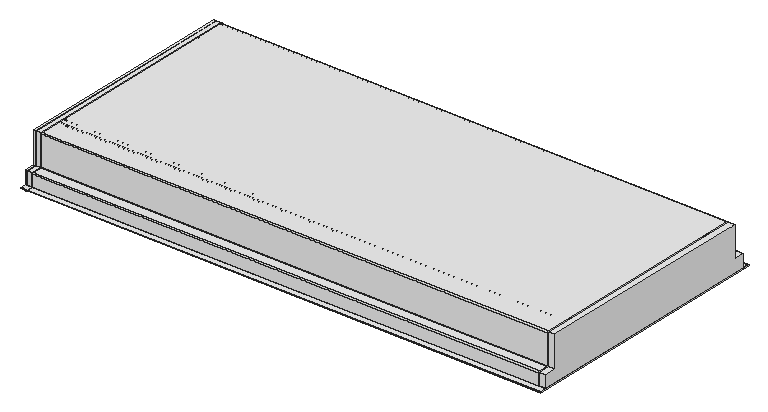
Revit family "MSUi", category Lighting Fixtures, host Ceiling, Revit 2023
Family settings
  Host = Ceiling
  Round Connector Dimension = Use Diameter
  Part Type = Normal
  OmniClass Number = 23.80.70.11.14.17
  OmniClass Title = Direct/Indirect
  Always vertical = Yes
  Cut with Voids When Loaded = No
  Light Source = Yes
  Maintain Annotation Orientation = No
  Shared = No
  Room Calculation Point = No
Parameters (values of type "MSUi-2X4-LED840KxxL_50GUNV")
  Width = 1' - 11 3/4"
  Wattage = 70 W
  built-in parameter 1150110 = 1 (stored number, unit not read)
  Voltage = 120 V
  URL = "https://www.viscor.com/en/products/msui"
  built-in parameter 1114217 = 0.9 (stored number, unit not read)
  Tilt Angle = 90.00°
  built-in parameter 1150109 = 1 (stored number, unit not read)
  built-in parameter 1150134 = 12
  built-in parameter 1150113 = 1 (stored number, unit not read)
  Photometric Web File = "MSUi-2X4-LED840KxxL_50GUNV.ies"
  Model = "MSUi"  # constant formula
  Manufacturer = "CERTOLUX by VISCOR"  # constant formula
  Lumens = 4970 lm
  built-in parameter 1150115 = 1 (stored number, unit not read)
  built-in parameter 1150105 = 395.5 (stored number, unit not read)
  built-in parameter 1150137 = (empty or 0)
  built-in parameter 1150139 = (empty or 0)
  Lens Finish Green = Acrylic - Viscor - Frosted Prismatic P12 Green
  Lens Finish = Acrylic - Viscor - Frosted Prismatic P12
  Length = 3' - 11 3/4"
  Lamp Wattage = 70 VA
  built-in parameter 1150112 = 1 (stored number, unit not read)
  built-in parameter 1150114 = 1 (stored number, unit not read)
  Lamp = "LED"  # constant formula
  built-in parameter 1150132 = (empty or 0)
  built-in parameter 1150102 = (empty or 0)
  built-in parameter 1150138 = (empty or 0)
  built-in parameter 1150107 = 4000 (stored number, unit not read)
  built-in parameter 1150106 = 3.955 (stored number, unit not read)
  Housing Finish = Metal - Viscor - White
  Emit from Rectangle Width = Width  # 1' - 11 3/4"
  Emit from Rectangle Length = Length  # 3' - 11 3/4"
  Emit Shape Visible in Rendering = no
  built-in parameter 1150104 = 6.5961 (stored number, unit not read)
  Dimming Lamp Color Temperature Shift = <None>
  Description = "LED Recessed Medical Surgical with Inset Door Frame"  # constant formula
  Default Elevation = 0' - 0"
  Color Filter = 8454016
  built-in parameter 1114218 = 1 (stored number, unit not read)
  built-in parameter 1150133 = 10 (stored number, unit not read)
  Assembly Code = "D5020200"
  Apparent Load = Lamp Wattage  # 70 VA
Types (22): name | Width | Wattage | Photometric Web File | Lumens | built-in parameter 1150105 | Lens Finish Green | Length | Lamp Wattage | built-in parameter 1150106 | Emit from Rectangle Width | Emit from Rectangle Length | built-in parameter 1150104 | Color Filter | Apparent Load
  (no name) | 1' - 11 3/4" | 70 W | "MSUi-2X4-LED840KxxL_50GUNV.ies" | 4970 lm | 395.5 (stored number, unit not read) | Acrylic - Viscor - Frosted Prismatic P12 Green | 3' - 11 3/4" | 70 VA | 3.955 (stored number, unit not read) | 1' - 11 3/4" | 3' - 11 3/4" | 6.5961 (stored number, unit not read) | 8454016 | 70 VA
  MSUi-1X4-LED840K035LUNV | 0' - 11 3/4" | 32 W | "MSUi-1X4-LED840K035LUNV.ies" | 3584 lm | 285.21 (stored number, unit not read) | Default | 3' - 11 3/4" | 32 VA | 2.8521 (stored number, unit not read) | 0' - 11 3/4" | 3' - 11 3/4" | 10.405 (stored number, unit not read) | 16777215 | 32 VA
  MSUi-2X2-LED840K035LUNV | 1' - 11 3/4" | 31 W | "MSUi-2X2-LED840K035LUNV.ies" | 3565 lm | 283.69 (stored number, unit not read) | Default | 1' - 11 3/4" | 31 VA | 2.8369 (stored number, unit not read) | 1' - 11 3/4" | 1' - 11 3/4" | 10.684 (stored number, unit not read) | 16777215 | 31 VA
  MSUi-2X4-LED840K055LUNV | 1' - 11 3/4" | 45 W | "MSUi-2X4-LED840K055LUNV.ies" | 5535 lm | 440.46 (stored number, unit not read) | Default | 3' - 11 3/4" | 45 VA | 4.4046 (stored number, unit not read) | 1' - 11 3/4" | 3' - 11 3/4" | 11.427 (stored number, unit not read) | 16777215 | 45 VA
  MSUi-1X4-LED840K055LUNV | 0' - 11 3/4" | 51 W | "MSUi-1X4-LED840K055LUNV.ies" | 5559 lm | 442.37 (stored number, unit not read) | Default | 3' - 11 3/4" | 51 VA | 4.4237 (stored number, unit not read) | 0' - 11 3/4" | 3' - 11 3/4" | 10.126 (stored number, unit not read) | 16777215 | 51 VA
  MSUi-1X4-LED840K070LUNV | 0' - 11 3/4" | 68 W | "MSUi-1X4-LED840K070LUNV.ies" | 7072 lm | 562.77 (stored number, unit not read) | Default | 3' - 11 3/4" | 68 VA | 5.6277 (stored number, unit not read) | 0' - 11 3/4" | 3' - 11 3/4" | 9.6619 (stored number, unit not read) | 16777215 | 68 VA
  MSUi-1X4-LED840K100LUNV | 0' - 11 3/4" | 96 W | "MSUi-1X4-LED840K100LUNV.ies" | 10080 lm | 802.14 (stored number, unit not read) | Default | 3' - 11 3/4" | 96 VA | 8.0214 (stored number, unit not read) | 0' - 11 3/4" | 3' - 11 3/4" | 9.7548 (stored number, unit not read) | 16777215 | 96 VA
  MSUi-2X2-LED840K055LUNV | 1' - 11 3/4" | 50 W | "MSUi-2X2-LED840K055LUNV.ies" | 5550 lm | 441.65 (stored number, unit not read) | Default | 1' - 11 3/4" | 50 VA | 4.4165 (stored number, unit not read) | 1' - 11 3/4" | 1' - 11 3/4" | 10.312 (stored number, unit not read) | 16777215 | 50 VA
  MSUi-2X2-LED840K070LUNV | 1' - 11 3/4" | 65 W | "MSUi-2X2-LED840K070LUNV.ies" | 7020 lm | 558.63 (stored number, unit not read) | Default | 1' - 11 3/4" | 65 VA | 5.5863 (stored number, unit not read) | 1' - 11 3/4" | 1' - 11 3/4" | 10.034 (stored number, unit not read) | 16777215 | 65 VA
  MSUi-2X2-LED840K100LUNV | 1' - 11 3/4" | 93 W | "MSUi-2X2-LED840K100LUNV.ies" | 10137 lm | 806.68 (stored number, unit not read) | Default | 1' - 11 3/4" | 93 VA | 8.0668 (stored number, unit not read) | 1' - 11 3/4" | 1' - 11 3/4" | 10.126 (stored number, unit not read) | 16777215 | 93 VA
  MSUi-2X4-LED840K070LUNV | 1' - 11 3/4" | 59 W | "MSUi-2X4-LED840K070LUNV.ies" | 7080 lm | 563.41 (stored number, unit not read) | none | 3' - 11 3/4" | 59 VA | 5.6341 (stored number, unit not read) | 1' - 11 3/4" | 3' - 11 3/4" | 11.148 (stored number, unit not read) | 16777215 | 59 VA
  MSUi-2X4-LED840K100LUNV | 1' - 11 3/4" | 80 W | "MSUi-2X4-LED840K100LUNV.ies" | 10080 lm | 802.14 (stored number, unit not read) | none | 3' - 11 3/4" | 80 VA | 8.0214 (stored number, unit not read) | 1' - 11 3/4" | 3' - 11 3/4" | 11.706 (stored number, unit not read) | 16777215 | 80 VA
  MSUi-2X4-LED840K120LUNV | 1' - 11 3/4" | 99 W | "MSUi-2X4-LED840K120LUNV.ies" | 12078 lm | 961.14 (stored number, unit not read) | none | 3' - 11 3/4" | 99 VA | 9.6114 (stored number, unit not read) | 1' - 11 3/4" | 3' - 11 3/4" | 11.334 (stored number, unit not read) | 16777215 | 99 VA
  MSUi-2X4-LED840K180LUNV | 1' - 11 3/4" | 143 W | "MSUi-2X4-LED840K180LUNV.ies" | 18161 lm | 1445.2 (stored number, unit not read) | none | 3' - 11 3/4" | 143 VA | 14.452 (stored number, unit not read) | 1' - 11 3/4" | 3' - 11 3/4" | 11.799 (stored number, unit not read) | 16777215 | 143 VA
  MSUi-2X4-LED840K240LUNV | 1' - 11 3/4" | 198 W | "MSUi-2X4-LED840K240LUNV.ies" | 24156 lm | 1922.3 (stored number, unit not read) | none | 3' - 11 3/4" | 198 VA | 19.223 (stored number, unit not read) | 1' - 11 3/4" | 3' - 11 3/4" | 11.334 (stored number, unit not read) | 16777215 | 198 VA
  MSUi-1X4-LED840KxxL_32GUNV | 0' - 11 3/4" | 51 W | "MSUi-1X4-LED840KxxL_32GUNV.ies" | 3162 lm | 251.62 (stored number, unit not read) | Acrylic - Viscor - Frosted Prismatic P12 Green | 3' - 11 3/4" | 51 VA | 2.5162 (stored number, unit not read) | 0' - 11 3/4" | 3' - 11 3/4" | 5.76 (stored number, unit not read) | 8454016 | 51 VA
  MSUi-1X4-LED840KxxL_50GUNV | 0' - 11 3/4" | 80 W | "MSUi-1X4-LED840KxxL_50GUNV.ies" | 4960 lm | 394.7 (stored number, unit not read) | Acrylic - Viscor - Frosted Prismatic P12 Green | 3' - 11 3/4" | 80 VA | 3.947 (stored number, unit not read) | 0' - 11 3/4" | 3' - 11 3/4" | 5.76 (stored number, unit not read) | 8454016 | 80 VA
  MSUi-2X2-LED840KxxL_32GUNV | 1' - 11 3/4" | 51 W | "MSUi-2X2-LED840KxxL_32GUNV.ies" | 3213 lm | 255.68 (stored number, unit not read) | Acrylic - Viscor - Frosted Prismatic P12 Green | 1' - 11 3/4" | 51 VA | 2.5568 (stored number, unit not read) | 1' - 11 3/4" | 1' - 11 3/4" | 5.8529 (stored number, unit not read) | 8454016 | 51 VA
  MSUi-2X2-LED840KxxL_50GUNV | 1' - 11 3/4" | 80 W | "MSUi-2X2-LED840KxxL_50GUNV.ies" | 4960 lm | 394.7 (stored number, unit not read) | Acrylic - Viscor - Frosted Prismatic P12 Green | 1' - 11 3/4" | 50 VA | 3.947 (stored number, unit not read) | 1' - 11 3/4" | 1' - 11 3/4" | 5.76 (stored number, unit not read) | 8454016 | 50 VA
  MSUi-2X4-LED840KxxL_32GUNV | 1' - 11 3/4" | 45 W | "MSUi-2X4-LED840KxxL_32GUNV.ies" | 3195 lm | 254.25 (stored number, unit not read) | Acrylic - Viscor - Frosted Prismatic P12 Green | 3' - 11 3/4" | 45 VA | 2.5425 (stored number, unit not read) | 1' - 11 3/4" | 3' - 11 3/4" | 6.5961 (stored number, unit not read) | 8454016 | 45 VA
  MSUi-2X4-LED840KxxL_50GUNV | 1' - 11 3/4" | 70 W | "MSUi-2X4-LED840KxxL_50GUNV.ies" | 4970 lm | 395.5 (stored number, unit not read) | Acrylic - Viscor - Frosted Prismatic P12 Green | 3' - 11 3/4" | 70 VA | 3.955 (stored number, unit not read) | 1' - 11 3/4" | 3' - 11 3/4" | 6.5961 (stored number, unit not read) | 8454016 | 70 VA
  MSUi-2X4-LED840KxxL_100GUNV | 1' - 11 3/4" | 139 W | "MSUi-2X4-LED840KxxL_100GUNV.ies" | 10008 lm | 796.41 (stored number, unit not read) | Acrylic - Viscor - Frosted Prismatic P12 Green | 3' - 11 3/4" | 139 VA | 7.9641 (stored number, unit not read) | 1' - 11 3/4" | 3' - 11 3/4" | 6.689 (stored number, unit not read) | 8454016 | 139 VA
Reference planes (in)
  plane 1 "Light Source Axis (F/B)": y = 0
  plane 2 "Ceiling": z = 96
  plane 3 "Light Source Axis (L/R)": x = 0
  plane 4 "Light Source Elevation": z = 95
  plane 5: y = 11.875
  plane 6: y = -11.875
  plane 7 "Left": x = -23.875
  plane 8 "Right": x = 23.875
  plane 9: x = -23.25
  plane 10: x = 23.25
  plane 11: x = -22.625
  plane 12: x = 22.625
  plane 13 "USofFrame": z = 96.045
  plane 14: y = -11.25
  plane 15: y = 11.25
  plane 16 "Lens": z = 96.17
Forms (in)
  Extrusion 1, solid, material "Metal - Viscor - White" <- "Housing Finish"
    sketch origin (0, 0, 0) x (0, 1, 0) y (0, 0, 1)
      loop
        arc (11.3015, 97.168) -> (11.28217, 97.21467) -> (11.2355, 97.234) r 0.066
        line (11.2355, 97.234) -> (10.3115, 97.234)
        arc (10.3115, 97.234) -> (10.29029, 97.24279) -> (10.2815, 97.264) r 0.03
        line (10.2815, 97.264) -> (10.2815, 100.007)
        arc (10.2815, 100.007) -> (10.26217, 100.05367) -> (10.2155, 100.073) r 0.066
        line (10.2155, 100.073) -> (-10.2155, 100.073)
        arc (-10.2155, 100.073) -> (-10.26217, 100.05367) -> (-10.2815, 100.007) r 0.066
        line (-10.2815, 100.007) -> (-10.2815, 97.264)
        arc (-10.2815, 97.264) -> (-10.29029, 97.24279) -> (-10.3115, 97.234) r 0.03
        line (-10.3115, 97.234) -> (-11.2355, 97.234)
        arc (-11.2355, 97.234) -> (-11.28217, 97.21467) -> (-11.3015, 97.168) r 0.066
        line (-11.3015, 97.168) -> (-11.3015, 96.073) -> (-11.26634, 96.073) -> (-11.26634, 97.168)
        arc (-11.26634, 97.168) -> (-11.25731, 97.18981) -> (-11.2355, 97.19884) r 0.03084
        line (-11.2355, 97.19884) -> (-10.3115, 97.19884)
        arc (-10.3115, 97.19884) -> (-10.26543, 97.21793) -> (-10.24634, 97.264) r 0.06516
        line (-10.24634, 97.264) -> (-10.24634, 100.007)
        arc (-10.24634, 100.007) -> (-10.23731, 100.02881) -> (-10.2155, 100.03784) r 0.03084
        line (-10.2155, 100.03784) -> (10.2155, 100.03784)
        arc (10.2155, 100.03784) -> (10.23731, 100.02881) -> (10.24634, 100.007) r 0.03084
        line (10.24634, 100.007) -> (10.24634, 97.264)
        arc (10.24634, 97.264) -> (10.26543, 97.21793) -> (10.3115, 97.19884) r 0.06516
        line (10.3115, 97.19884) -> (11.2355, 97.19884)
        arc (11.2355, 97.19884) -> (11.25731, 97.18981) -> (11.26634, 97.168) r 0.03084
        line (11.26634, 97.168) -> (11.26634, 96.073) -> (11.3015, 96.073) -> (11.3015, 97.168)
    from -23.25 to 23.25
  Extrusion 2, solid
    sketch origin (0, 0, 0) x (0, 1, 0) y (0, 0, 1)
      loop
        arc (7.664, 100.03702) -> (7.61097, 100.01506) -> (7.58901, 99.96204) r 0.07499
        line (7.58901, 99.96204) -> (7.589, 99.487)
        arc (7.589, 99.487) -> (7.57758, 99.45942) -> (7.55, 99.448) r 0.039
        line (7.55, 99.448) -> (-7.55, 99.448)
        arc (-7.55, 99.448) -> (-7.57758, 99.45942) -> (-7.589, 99.487) r 0.039
        line (-7.589, 99.487) -> (-7.589, 99.96195)
        arc (-7.589, 99.96195) -> (-7.61097, 100.01498) -> (-7.664, 100.037) r 0.075
        line (-7.664, 100.037) -> (-8.214, 100.037) -> (-8.214, 100.00184) -> (-7.664, 100.00179)
        arc (-7.664, 100.00179) -> (-7.63583, 99.99012) -> (-7.62416, 99.96195) r 0.03984
        line (-7.62416, 99.96195) -> (-7.62416, 99.487)
        arc (-7.62416, 99.487) -> (-7.60244, 99.43456) -> (-7.55, 99.41284) r 0.07416
        line (-7.55, 99.41284) -> (7.55, 99.41284)
        arc (7.55, 99.41284) -> (7.60244, 99.43456) -> (7.62417, 99.487) r 0.07416
        line (7.62417, 99.487) -> (7.62417, 99.96204)
        arc (7.62417, 99.96204) -> (7.63583, 99.9902) -> (7.664, 100.00187) r 0.03983
        line (7.664, 100.00187) -> (8.214, 100.00187) -> (8.214, 100.03702) -> (7.664, 100.03702)
    from -23.25 to 23.25
  Extrusion 3, solid, material "Metal - Viscor - White" <- "Housing Finish"
    sketch origin (0, 0, 0) x (0, 1, 0) y (0, 0, 1)
      loop
        line (11.299, 96.095) -> (11.299, 97.234) -> (10.2815, 97.234) -> (10.2815, 100.073) -> (-10.2815, 100.073) -> (-10.2815, 97.234) -> (-11.3015, 97.234) -> (-11.3015, 96.095) -> (11.299, 96.095)
    from -23.875 to -23.25
  Extrusion 4, void
    sketch origin (-23.25, 0, 0) x (0, -1, 0) y (0, 0, 1)
      loop
        line (10.24634, 100.03784) -> (-10.24634, 100.03784) -> (-10.24634, 97.19884) -> (-11.26384, 97.19884) -> (-11.26384, 96.13016) -> (11.26634, 96.13016) -> (11.26634, 97.19884) -> (10.24634, 97.19884) -> (10.24634, 100.03784)
    from 0 to 0.47339
  Extrusion 5, solid, material "Metal - Viscor - White" <- "Housing Finish"
    sketch origin (0, 0, 0) x (0, 1, 0) y (0, 0, -1)
      loop
        line (11.299, -96.095) -> (-11.3015, -96.095) -> (-11.3015, -97.234) -> (-10.2815, -97.234) -> (-10.2815, -100.073) -> (10.2815, -100.073) -> (10.2815, -97.234) -> (11.299, -97.234) -> (11.299, -96.095)
    from -23.875 to -23.25
  Extrusion 6, void
    sketch origin (23.25, 0, 0) x (0, -1, 0) y (0, 0, -1)
      loop
        line (10.24634, -100.03784) -> (10.24634, -97.19884) -> (11.26634, -97.19884) -> (11.26634, -96.13016) -> (-11.26384, -96.13016) -> (-11.26384, -97.19884) -> (-10.24634, -97.19884) -> (-10.24634, -100.03784) -> (10.24634, -100.03784)
    from 0 to 0.47339
  Extrusion 7, solid, material "Metal - Viscor - White" <- "Housing Finish"
    sketch origin (0, 0, 0) x (0, 1, 0) y (0, 0, 1)
      loop
        line (10.39827, 96.724) -> (9.1406, 97.23213) -> (7.45632, 99.38791)
        arc (7.45632, 99.38791) -> (7.43432, 99.40566) -> (7.40677, 99.412) r 0.063
        line (7.40677, 99.412) -> (6.8125, 99.412) -> (6.8125, 99.38075) -> (7.42226, 99.38075) -> (9.12113, 97.20629) -> (10.38657, 96.69503) -> (10.39827, 96.724)
    from -22.625 to 22.625
  Extrusion 8, solid, material "Metal - Viscor - White" <- "Housing Finish"
    sketch origin (0, 0, 0) x (0, -1, 0) y (0, 0, -1)
      loop
        line (10.39827, -96.724) -> (10.38657, -96.69503) -> (9.12113, -97.20629) -> (7.42226, -99.38075) -> (6.8125, -99.38075) -> (6.8125, -99.412) -> (7.40677, -99.412)
        arc (7.40677, -99.412) -> (7.43432, -99.40566) -> (7.45632, -99.38791) r 0.063
        line (7.45632, -99.38791) -> (9.1406, -97.23213) -> (10.39827, -96.724)
    from -22.625 to 22.625
  Extrusion 9, solid, material "Metal - Viscor - White" <- "Housing Finish"
    sketch origin (0, 0, 0) x (0, 1, 0) y (0, 0, 1)
      loop
        line (11.8745, 96) -> (11.8745, 96.04687) -> (11.2715, 96.04688)
        arc (11.2715, 96.04688) -> (11.24313, 96.05863) -> (11.23067, 96.087) r 0.04012
        line (11.23067, 96.087) -> (11.23067, 96.63488) -> (-11.23138, 96.63488) -> (-11.23138, 96.087)
        arc (-11.23138, 96.087) -> (-11.24313, 96.05863) -> (-11.2715, 96.04687) r 0.04012
        line (-11.2715, 96.04687) -> (-11.8745, 96.04687) -> (-11.8745, 96) -> (-11.2715, 96)
        arc (-11.2715, 96) -> (-11.20998, 96.02548) -> (-11.1845, 96.087) r 0.087
        line (-11.1845, 96.087) -> (-11.1845, 96.588) -> (11.18379, 96.588) -> (11.1845, 96.087)
        arc (11.1845, 96.087) -> (11.20998, 96.02548) -> (11.2715, 96) r 0.087
        line (11.2715, 96) -> (11.8745, 96)
    from -23.875 to 23.875
  Extrusion 10, solid, material "Metal - Viscor - White" <- "Housing Finish"
    sketch origin (0, 0, 96) x (1, 0, 0) y (0, 1, 0)
      loop
        line (-23.875, -11.875) -> (-23.25, -11.875) -> (-23.25, 11.875) -> (-23.875, 11.875) -> (-23.875, -11.875)
    from 0 to 0.045
  Extrusion 11, solid, material "Metal - Viscor - White" <- "Housing Finish"
    sketch origin (0, 0, 96) x (1, 0, 0) y (0, 1, 0)
      loop
        line (23.25, -11.875) -> (23.875, -11.875) -> (23.875, 11.875) -> (23.25, 11.875) -> (23.25, -11.875)
    from 0 to 0.045
  Extrusion 12, solid, material "Metal - Viscor - White" <- "Housing Finish"
    sketch origin (0, 0, 96) x (1, 0, 0) y (0, 1, 0)
      loop
        line (-23.25, -11.25) -> (23.25, -11.25) -> (23.25, 11.25) -> (-23.25, 11.25) -> (-23.25, -11.25)
      loop
        line (-22, -10) -> (22, -10) -> (22, 10) -> (-22, 10) -> (-22, -10)
    from 0 to 0.045
  Extrusion 13, void
    sketch origin (0, 0, 96) x (1, 0, 0) y (0, 1, 0)
      loop
        line (-22.625, -9.5905) -> (22.625, -9.5905) -> (22.625, 9.5905) -> (-22.625, 9.5905) -> (-22.625, -9.5905)
    from 0.048 to 0.25572
  Extrusion 14, solid, material "Acrylic - Viscor - Frosted Prismatic P12 Green" <- "Lens Finish Green"
    sketch origin (0, 0, 96) x (1, 0, 0) y (0, 1, 0)
      loop
        line (-22.25, -10.25) -> (22.25, -10.25) -> (22.25, 10.25) -> (-22.25, 10.25) -> (-22.25, -10.25)
    from 0.045 to 0.17
  Extrusion 15, void
    sketch origin (43.99109, -53.88196, 0) x (1, 0, 0) y (0, 1, 0)
      loop
        line (-67.86609, 65.75696) -> (-67.86609, 42.00696) -> (-20.11609, 42.00696) -> (-20.11609, 65.75696) -> (-67.86609, 65.75696)
    from 95.73163 to 100.39174
Cuts and joins
  Extrusion 4, Extrusion 6, Extrusion 13 cuts Extrusion 2
  Extrusion 4, Extrusion 6 cuts Extrusion 3
  Extrusion 6 cuts Extrusion 5
  Extrusion 13 cuts Extrusion 1
  Extrusion 13 cuts Extrusion 7
  Extrusion 13 cuts Extrusion 8
  Extrusion 13 cuts Extrusion 9
  Extrusion 13 cuts Extrusion 12
Dimensions and locks (in)
  equal spacing: host sketch curve, plane 3 "Light Source Axis (L/R)", host sketch curve
  equal spacing: host sketch curve, plane 1 "Light Source Axis (F/B)", host sketch curve
  host sketch curve to host sketch curve = 10' - 0"  (x2)
  locked: import instance to host ceiling at 4.109
  equal spacing: plane 7 "Left", plane 3 "Light Source Axis (L/R)", plane 8 "Right"
  "Length": plane 7 "Left" to plane 8 "Right"
  equal spacing: plane 5, plane 1 "Light Source Axis (F/B)", plane 6
  "Width": plane 5 to plane 6
  locked: plane 11 to plane 9 at 0.625
  locked: plane 7 "Left" to plane 9 at 0.625
  plane 12 to plane 10 = 0' - 0 5/8"
  plane 10 to plane 8 "Right" = 0' - 0 5/8"
  locked: plane 13 "USofFrame" to plane 2 "Ceiling" at 0.045
  equal spacing: plane 5, Extrusion 12 sketch curve, Extrusion 12 sketch curve
  equal spacing: plane 7 "Left", Extrusion 12 sketch curve, Extrusion 12 sketch curve
  locked: plane 6 to Extrusion 12 sketch curve at 0.625
  locked: plane 8 "Right" to Extrusion 12 sketch curve at 0.625
  plane 16 "Lens" to plane 13 "USofFrame" = 0' - 0 1/8"
  plane 2 "Ceiling" to plane 4 "Light Source Elevation" = 0' - 1"
  aligned and locked: plane 3 "Light Source Axis (L/R)" to imposter light
  aligned and locked: plane 1 "Light Source Axis (F/B)" to imposter light
  aligned and locked: plane 4 "Light Source Elevation" to imposter light
  aligned and locked: Extrusion 1 to plane 9
  aligned and locked: plane 10 to Extrusion 1
  aligned and locked: Extrusion 2 to plane 9
  aligned and locked: plane 10 to Extrusion 2
  aligned and locked: Extrusion 3 to plane 7 "Left"
  aligned and locked: plane 9 to Extrusion 3
  aligned and locked: Extrusion 7 to plane 11
  aligned and locked: plane 12 to Extrusion 7
  aligned and locked: Extrusion 8 to plane 11
  aligned and locked: plane 12 to Extrusion 8
  aligned and locked: plane 8 "Right" to cut or joined group of Extrusion 5, Extrusion 6
  aligned and locked: cut or joined group of Extrusion 5, Extrusion 6 to plane 10
  aligned and locked: Extrusion 9 to plane 7 "Left"
  aligned and locked: plane 8 "Right" to Extrusion 9
  aligned and locked: Extrusion 10 sketch curve to plane 7 "Left"
  aligned and locked: plane 9 to Extrusion 10 sketch curve
  aligned and locked: plane 13 "USofFrame" to Extrusion 10
  aligned and locked: Extrusion 11 sketch curve to plane 10
  aligned and locked: Extrusion 11 sketch curve to plane 6
  aligned and locked: plane 5 to Extrusion 11 sketch curve
  aligned and locked: plane 13 "USofFrame" to Extrusion 11
  aligned and locked: plane 13 "USofFrame" to Extrusion 12
  aligned and locked: Extrusion 14 to plane 13 "USofFrame"
  aligned and locked: plane 16 "Lens" to Extrusion 14
  aligned and locked: Extrusion 15 to plane 7 "Left"
  aligned and locked: plane 8 "Right" to Extrusion 15
  aligned and locked: Extrusion 15 to plane 6
  aligned and locked: plane 5 to Extrusion 15
Automatic sketch dimensions
  Extrusion 1 sketch curve to Extrusion 1 sketch curve = 0' - 0"  (x12)
  plane 2 "Ceiling" to Extrusion 1 sketch curve = 0' - 0.073"  (x2)
  plane 6 to Extrusion 1 sketch curve = 0' - 0.5735"
  Extrusion 1 sketch curve to Extrusion 1 sketch curve = 0' - 0 9/256"
  Extrusion 1 sketch curve to Extrusion 1 sketch curve = 0' - 0.03084"  (x4)
  Extrusion 1 sketch curve to Extrusion 1 sketch curve = 0' - 0.924"
  Extrusion 1 sketch curve to Extrusion 1 sketch curve = 0' - 0.03"  (x2)
  Extrusion 1 sketch curve to plane 5 = 0' - 1.6595"
  Extrusion 1 sketch curve to plane 5 = 0' - 0.6395"
  Extrusion 1 sketch curve to Extrusion 1 sketch curve = 0' - 1.095"  (x2)
  Extrusion 1 sketch curve to Extrusion 1 sketch curve = 0' - 2.743"
  Extrusion 2 sketch curve to Extrusion 2 sketch curve = 0' - 0"  (x18)
  plane 6 to Extrusion 2 sketch curve = 0' - 3.661"
  Extrusion 2 sketch curve to Extrusion 2 sketch curve = 0' - 0.55"  (x2)
  Extrusion 2 sketch curve to Extrusion 2 sketch curve = 0' - 0.03984"
  Extrusion 2 sketch curve to Extrusion 2 sketch curve = 0' - 0 9/256"  (x4)
  Extrusion 2 sketch curve to Extrusion 2 sketch curve = 0' - 0.039"  (x3)
  Extrusion 2 sketch curve to plane 5 = 0' - 4.325"
  Extrusion 2 sketch curve to Extrusion 2 sketch curve = 0' - 0.03901"
  Extrusion 2 sketch curve to Extrusion 2 sketch curve = 0' - 0.03983"
  plane 2 "Ceiling" to Extrusion 2 sketch curve = 0' - 3.41284"
  Extrusion 2 sketch curve to Extrusion 2 sketch curve = 0' - 0.47495"
  Extrusion 2 sketch curve to Extrusion 2 sketch curve = 0' - 0.47504"
  Extrusion 2 sketch curve to Extrusion 2 sketch curve = 0' - 0.00005"
  plane 2 "Ceiling" to Extrusion 3 sketch curve = 0' - 0.095"
  plane 6 to Extrusion 3 sketch curve = 0' - 0.5735"
  Extrusion 3 sketch curve to Extrusion 3 sketch curve = 0' - 1.02"
  Extrusion 3 sketch curve to plane 5 = 0' - 1.5935"
  Extrusion 3 sketch curve to plane 5 = 0' - 0.576"
  Extrusion 3 sketch curve to Extrusion 3 sketch curve = 0' - 1.139"  (x2)
  Extrusion 3 sketch curve to Extrusion 3 sketch curve = 0' - 2.839"
  Extrusion 3 to Extrusion 4 sketch curve = 0' - 0 9/256"  (x8)
  plane 2 "Ceiling" to Extrusion 5 sketch curve = 0' - 0.095"
  plane 6 to Extrusion 5 sketch curve = 0' - 0.5735"
  Extrusion 5 sketch curve to Extrusion 5 sketch curve = 0' - 1.02"
  Extrusion 5 sketch curve to plane 5 = 0' - 1.5935"
  Extrusion 5 sketch curve to plane 5 = 0' - 0.576"
  plane 2 "Ceiling" to Extrusion 5 sketch curve = 0' - 1.234"
  Extrusion 5 sketch curve to Extrusion 5 sketch curve = 0' - 1.139"
  Extrusion 5 sketch curve to Extrusion 5 sketch curve = 0' - 2.839"
  Extrusion 5 to Extrusion 6 sketch curve = 0' - 0 9/256"  (x8)
  Extrusion 7 sketch curve to plane 5 = 0' - 5 1/16"
  Extrusion 7 sketch curve to Extrusion 7 sketch curve = 0' - 0.59427"
  Extrusion 7 sketch curve to Extrusion 7 sketch curve = 0' - 0.01549"
  Extrusion 7 sketch curve to Extrusion 7 sketch curve = 0' - 0.03406"
  plane 2 "Ceiling" to Extrusion 7 sketch curve = 0' - 1.20629"
  Extrusion 7 sketch curve to Extrusion 7 sketch curve = 0' - 1.71436"
  plane 2 "Ceiling" to Extrusion 7 sketch curve = 0' - 1.23213"
  Extrusion 7 sketch curve to Extrusion 7 sketch curve = 0' - 0.01947"
  plane 2 "Ceiling" to Extrusion 7 sketch curve = 0' - 0.69503"
  Extrusion 7 sketch curve to Extrusion 7 sketch curve = 0' - 1.24597"
  Extrusion 7 sketch curve to Extrusion 7 sketch curve = 0' - 2.11687"
  Extrusion 7 sketch curve to Extrusion 7 sketch curve = 0' - 0.03175"
  Extrusion 7 sketch curve to Extrusion 7 sketch curve = 0' - 0.00716"
  Extrusion 7 sketch curve to Extrusion 7 sketch curve = 0' - 0 1/32"
  Extrusion 7 sketch curve to Extrusion 7 sketch curve = 0' - 0"
  Extrusion 8 sketch curve to plane 6 = 0' - 5 1/16"
  Extrusion 8 sketch curve to Extrusion 8 sketch curve = 0' - 0.59427"
  Extrusion 8 sketch curve to Extrusion 8 sketch curve = 0' - 0.01549"
  Extrusion 8 sketch curve to Extrusion 8 sketch curve = 0' - 0.03406"
  Extrusion 8 sketch curve to plane 2 "Ceiling" = 0' - 1.20629"
  Extrusion 8 sketch curve to Extrusion 8 sketch curve = 0' - 1.71436"
  Extrusion 8 sketch curve to plane 2 "Ceiling" = 0' - 1.23213"
  Extrusion 8 sketch curve to Extrusion 8 sketch curve = 0' - 0.01947"
  Extrusion 8 sketch curve to plane 2 "Ceiling" = 0' - 0.69503"
  Extrusion 8 sketch curve to Extrusion 8 sketch curve = 0' - 1.24597"
  Extrusion 8 sketch curve to Extrusion 8 sketch curve = 0' - 2.11687"
  Extrusion 8 sketch curve to Extrusion 8 sketch curve = 0' - 0.03175"
  Extrusion 8 sketch curve to Extrusion 8 sketch curve = 0' - 0.00716"
  Extrusion 8 sketch curve to Extrusion 8 sketch curve = 0' - 0 1/32"
  Extrusion 8 sketch curve to Extrusion 8 sketch curve = 0' - 0"
  Extrusion 9 sketch curve to Extrusion 9 sketch curve = 0' - 0"  (x15)
  plane 6 to Extrusion 9 sketch curve = 0' - 0.0005"
  plane 2 "Ceiling" to Extrusion 9 sketch curve = 0' - 0.087"  (x2)
  plane 6 to Extrusion 9 sketch curve = 0' - 0.6035"
  Extrusion 9 sketch curve to Extrusion 9 sketch curve = 0' - 0.04013"
  Extrusion 9 sketch curve to Extrusion 9 sketch curve = 0' - 0 3/64"  (x3)
  Extrusion 9 sketch curve to plane 5 = 0' - 0.69121"
  Extrusion 9 sketch curve to Extrusion 9 sketch curve = 0' - 0.04083"
  plane 2 "Ceiling" to Extrusion 9 sketch curve = 0' - 0 3/64"
  Extrusion 9 sketch curve to plane 2 "Ceiling" = 0' - 0"  (x2)
  Extrusion 9 sketch curve to Extrusion 9 sketch curve = 0' - 0.501"
  Extrusion 9 sketch curve to Extrusion 9 sketch curve = 0' - 0.00071"  (x2)
  Extrusion 9 sketch curve to plane 5 = 0' - 0.0005"
  Extrusion 10 sketch curve to plane 6 = 0' - 0"
  Extrusion 10 sketch curve to plane 5 = 0' - 0"
  Extrusion 11 sketch curve to plane 8 "Right" = 0' - 0"
  Extrusion 12 sketch curve to plane 9 = 0' - 0"
  plane 11 to Extrusion 12 sketch curve = 0' - 0 5/8"
  Extrusion 12 sketch curve to plane 12 = 0' - 0 5/8"
  Extrusion 12 sketch curve to Extrusion 12 sketch curve = 0' - 1 1/4"
  Extrusion 12 sketch curve to plane 5 = 0' - 1 7/8"
  Extrusion 12 sketch curve to plane 5 = 0' - 0 5/8"
  Extrusion 13 sketch curve to plane 11 = 0' - 0"
  Extrusion 13 sketch curve to plane 12 = 0' - 0"
  plane 6 to Extrusion 13 sketch curve = 0' - 2.2845"
  Extrusion 13 sketch curve to plane 5 = 0' - 2.2845"
  plane 11 to Extrusion 14 sketch curve = 0' - 0 3/8"
  Extrusion 14 sketch curve to plane 12 = 0' - 0 3/8"
  plane 6 to Extrusion 14 sketch curve = 0' - 1 5/8"
  Extrusion 14 sketch curve to plane 5 = 0' - 1 5/8"
  Extrusion 15 sketch curve to plane 5 = 1' - 11 3/4"
  Extrusion 15 sketch curve to plane 7 "Left" = 0' - 0"
  plane 7 "Left" to Extrusion 15 sketch curve = 3' - 11 3/4"
  Extrusion 15 sketch curve to Extrusion 15 sketch curve = 1' - 11 3/4"
Connectors (in)
  electrical at (0, 0, 96), driven by "Voltage", driven by "Apparent Load"
    settings: index 1, voltage 120 V, apparent load 0 VA, apparent load phase1 70 VA, apparent load phase2 0 VA, apparent load phase3 0 VA, power factor 1, load classification "Other", number of poles 1, system type 31, power factor state 1, is connector primary yes, connector utility no, sub classification motor no, connector description ""
